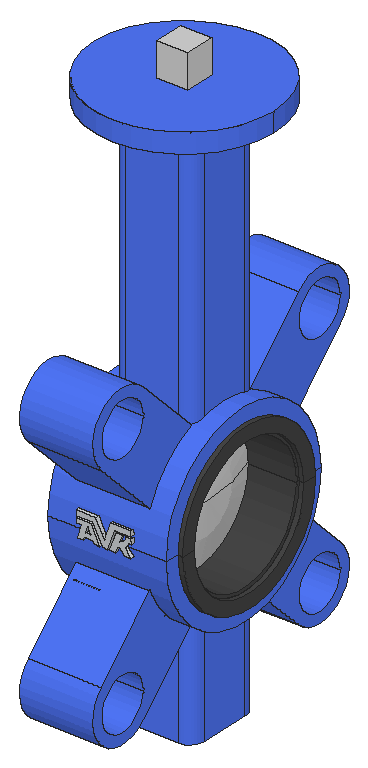
Revit family "820-10-028-DN25-65", category Pipe Accessories, Revit 2022
Family settings
  Round Connector Dimension = Use Diameter
  Part Type = Valve - Breaks Into
  Work Plane-Based = No
  Always vertical = Yes
  Cut with Voids When Loaded = No
  Shared = No
Parameters (values of type "DN50_PN10/16")
  fillet = 2 * Body_wallthickness  # 20 mm
  disk = LUG_T * 0.7  # 12.04 mm
  W2_ref = size_lookup(Search_table, "W2", 0 mm, DN)  # 135 mm
  URL product pages = "https://www.avkvalves.com/P.aspx?no=820002510521L0160002"
  Search_table = "820-10-028-DN25-65"
  Rubber_R = (Body_wallthickness / 2) + ID  # 30 mm
  PCD = size_lookup(Search_table, "PCD", 0 mm, DN) / 2  # 62.5 mm
  Lug_D = (Hole_dia / 2) * 1.4  # 13.3 mm
  L_ref_3 = L_ref / 1.2  # 24.167 mm
  L_ref_2 = L_ref * 2  # 58 mm
  L_ref = L - (Flange_thickness * 2)  # 29 mm
  LUG_T = L * 0.4  # 17.2 mm
  L2 = size_lookup(Search_table, "L2", 0 mm, DN) / 2  # 58 mm
  L = size_lookup(Search_table, "L", 0 mm, DN)  # 43 mm
  ID = DN / 2  # 25 mm
  Hole_dia = size_lookup(Search_table, "Hole_dia", 0 mm, DN)  # 19 mm
  H2 = size_lookup(Search_table, "H2", 0 mm, DN)  # 72 mm
  Flange_thickness = size_lookup(Search_table, "Flange_Thickness", 0 mm, DN)  # 7 mm
  F2 = size_lookup(Search_table, "F2", 0 mm, DN)  # 12 mm
  F = size_lookup(Search_table, "F", 0 mm, DN)  # 11 mm
  EPDM = ID - 1 mm  # 24 mm
  Description_ = "AVK CENTRIC LUG BUTTERFLY VALVE, PN10/16"
  Default Elevation = 0 mm
  DN65_PN10/16 = "820-0065-10-521L0160002"
  DN = 50 mm
  Bore = DN / 2  # 25 mm
  Body_wallthickness = 10 mm  # constant formula
  DN50_PN10/16 = "820-0050-10-521L0160002"
  DN40_PN10/16 = "820-0040-10-521L0160002"
  DN32_PN10/16 = "820-0032-10-521L0160002"
  DN25_PN10/16 = "820-0025-10-521L0160002"
  Actuator_Dia = size_lookup(Search_table, "Actuator_Dia", 0 mm, DN)  # 65 mm
  Actuator FL_D = size_lookup(Search_table, "Actuator FL_D", 0 mm, DN)  # 70 mm
  90 = 90 mm  # constant formula
  3 = 2 mm  # constant formula
Types (6, lengths in mm): name | disk | W2_ref | Rubber_R | PCD | Lug_D | L_ref_3 | L_ref_2 | L_ref | LUG_T | L2 | L | ID | Hole_dia | H2 | Flange_thickness | F | EPDM | DN | Bore | Actuator FL_D
  (no name) | 12.04 | 135 | 30 | 62.5 | 13.3 | 24.167 | 58 | 29 | 17.2 | 58 | 43 | 25 | 19 | 72 | 7 | 11 | 24 | 50 | 25 | 70
  DN25_PN10/16 | 8.4 | 110 | 17.5 | 42.5 | 9.8 | 15 | 36 | 18 | 12 | 50.5 | 30 | 12.5 | 14 | 51 | 6 | 8 | 11.5 | 25 | 12.5 | 50
  DN32_PN10/16 | 8.4 | 110 | 21 | 50 | 13.3 | 15 | 36 | 18 | 12 | 50.5 | 30 | 16 | 19 | 51 | 6 | 8 | 15 | 32 | 16 | 60
  DN40_PN10/16 | 9.24 | 130 | 25 | 55 | 13.3 | 15.833 | 38 | 19 | 13.2 | 54 | 33 | 20 | 19 | 54 | 7 | 8 | 19 | 40 | 20 | 70
  DN50_PN10/16 | 12.04 | 135 | 30 | 62.5 | 13.3 | 24.167 | 58 | 29 | 17.2 | 58 | 43 | 25 | 19 | 72 | 7 | 11 | 24 | 50 | 25 | 70
  DN65_PN10/16 | 12.88 | 150 | 37.5 | 72.5 | 13.3 | 25 | 60 | 30 | 18.4 | 65.5 | 46 | 32.5 | 19 | 82 | 8 | 11 | 31.5 | 65 | 32.5 | 80
Reference planes
  plane 1 "Center (Front/Back)": y = 0
  plane 2: z = 0
  plane 3 "Center (Left/Right)": x = 0
  plane 4: z = 135
  plane 5: z = -72
  plane 6: y = 14.5
  plane 7: x = -14.5
  plane 8: y = -14.5
  plane 9: x = 14.5
  plane 10: x = -9.5
  plane 11: x = 9.5
  plane 12: y = -9.5
  plane 13: y = -9.5
  plane 14: x = -9.5
  plane 15: x = 9.5
  plane 16: y = 9.5
  plane 17: y = 9.5
  plane 18: z = 147
  plane 19: z = 25
  plane 20: z = -25
  plane 21: y = -58
  plane 22: y = 58
  plane 23: x = -21.5
  plane 24: x = 21.5
  plane 25: x = -8.6
  plane 26: x = 8.6
  plane 27: x = -8.6
  plane 28: x = 8.6
  plane 29: through (0, 0, 0) normal (0, 0.7071, 0.7071)
  plane 30: through (0, 0, 0) normal (0, 0.7071, -0.7071)
  plane 31: x = -8.6
  plane 32: x = 8.6
  plane 33: x = 5.5
  plane 34: x = -5.5
  plane 35: y = 35
  plane 36: y = -35
  plane 37: x = -32.5
  plane 38: x = 32.5
Forms (mm)
  Revolve 1, solid, material "Plastic"
    sketch origin (0, 0, 0) x (1, 0, 0) y (0, 1, 0)
      loop
        line (-21.5, 35) -> (-21.5, 25) -> (21.5, 25) -> (21.5, 35) -> (-21.5, 35)
      axis (-21.5, 0) -> (21.5, 0)
    angle from 0 to 360
  Extrusion 2, solid, material "Plastic"
    sketch origin (0, 0, 0) x (1, 0, 0) y (0, 1, 0)
      loop
        arc (-9.5, 14.5) -> (-13.036, 13.036) -> (-14.5, 9.5) r 5
        line (-14.5, 9.5) -> (-14.5, -9.5)
        arc (-14.5, -9.5) -> (-13.036, -13.036) -> (-9.5, -14.5) r 5
        line (-9.5, -14.5) -> (9.5, -14.5)
        arc (9.5, -14.5) -> (13.036, -13.036) -> (14.5, -9.5) r 5
        line (14.5, -9.5) -> (14.5, 9.5)
        arc (14.5, 9.5) -> (13.036, 13.036) -> (9.5, 14.5) r 5
        line (9.5, 14.5) -> (-9.5, 14.5)
    from -72 to 128
  Extrusion 3, solid, material "Plastic"
    sketch origin (0, 0, 0) x (1, 0, 0) y (0, 1, 0)
      loop
        circle (0, 0) r 32.5
    from 128 to 135
  Extrusion 4, solid, material "Stainless Steel AISI 304"
    sketch origin (0, 0, 0) x (1, 0, 0) y (0, 1, 0)
      loop
        line (-5.5, 5.5) -> (-5.5, -5.5) -> (5.5, -5.5) -> (5.5, 5.5) -> (-5.5, 5.5)
    from 135 to 147
  Revolve 5, void
    sketch origin (0, 0, 0) x (1, 0, 0) y (0, 1, 0)
      loop
        line (-21.5, 25) -> (-21.5, 0) -> (21.5, 0) -> (21.5, 25) -> (-21.5, 25)
      axis (-21.5, 0) -> (21.5, 0)
    angle from 0 to 360
  Revolve 6, solid, material "Stainless Steel AISI 304"
    sketch origin (0, 0, 0) x (1, 0, 0) y (0, 1, 0)
      loop
        line (-8.6, 0) -> (8.6, 0)
        arc (8.6, 0) -> (7.308, 12.766) -> (3.44, 25) r 62.585
        line (3.44, 25) -> (-3.44, 25)
        arc (-3.44, 25) -> (-7.308, 12.766) -> (-8.6, 0) r 62.585
      axis (-8.6, 0) -> (8.6, 0)
    angle from 0 to 360
  Revolve 7, solid, material "Default Wall"
    sketch origin (0, 0, 0) x (1, 0, 0) y (0, 1, 0)
      loop
        line (-21.5, 25) -> (-21.5, 24) -> (21.5, 24) -> (21.5, 25) -> (-21.5, 25)
      axis (21.5, 0) -> (-21.5, 0)
    angle from 0 to 360
  Extrusion 8, solid, material "Plastic"
    sketch origin (0, 0, 0) x (0, 1, 0) y (0, 0, 1)
      loop
        arc (-24.373, 5.564) -> (-17.678, 17.678) -> (-5.564, 24.373) r 25
        line (-5.564, 24.373) -> (-35.295, 54.105)
        arc (-35.295, 54.105) -> (-54.105, 54.105) -> (-54.105, 35.295) r 13.3
        line (-54.105, 35.295) -> (-24.373, 5.564)
      loop
        circle (-44.7, 44.7) r 9.5
    from -13.3 to 13.3
  Extrusion 9, solid, material "Plastic"
    sketch origin (0, 0, 0) x (0, -1, 0) y (0, 0, -1)
      loop
        line (-24.373, -5.564) -> (-54.105, -35.295)
        arc (-54.105, -35.295) -> (-54.105, -54.105) -> (-35.295, -54.105) r 13.3
        line (-35.295, -54.105) -> (-5.564, -24.373)
        arc (-5.564, -24.373) -> (-17.678, -17.678) -> (-24.373, -5.564) r 25
      loop
        circle (-44.7, -44.7) r 9.5
    from -13.3 to 13.3
  Extrusion 10, solid, material "Plastic"
    sketch origin (0, 0, 0) x (0, 1, 0) y (0, 0, 1)
      loop
        line (-24.373, -5.564) -> (-54.105, -35.295)
        arc (-54.105, -35.295) -> (-54.105, -54.105) -> (-35.295, -54.105) r 13.3
        line (-35.295, -54.105) -> (-5.564, -24.373)
        arc (-5.564, -24.373) -> (-17.678, -17.678) -> (-24.373, -5.564) r 25
      loop
        circle (-44.7, -44.7) r 9.5
    from -13.3 to 13.3
  Extrusion 11, solid, material "Plastic"
    sketch origin (0, 0, 0) x (0, -1, 0) y (0, 0, -1)
      loop
        arc (-24.373, 5.564) -> (-17.678, 17.678) -> (-5.564, 24.373) r 25
        line (-5.564, 24.373) -> (-35.295, 54.105)
        arc (-35.295, 54.105) -> (-54.105, 54.105) -> (-54.105, 35.295) r 13.3
        line (-54.105, 35.295) -> (-24.373, 5.564)
      loop
        circle (-44.7, 44.7) r 9.5
    from -13.3 to 13.3
  Revolve 12, solid, material "Default Wall"
    sketch origin (0, 0, 0) x (1, 0, 0) y (0, 1, 0)
      loop
        line (-23.5, 30) -> (-23.5, 25) -> (-21.5, 25) -> (-21.5, 30) -> (-23.5, 30)
      loop
        line (23.5, 30) -> (21.5, 30) -> (21.5, 25) -> (23.5, 25) -> (23.5, 30)
      axis (-23.5, 0) -> (23.5, 0)
    angle from 0 to 360
Cuts and joins
  Revolve 5 cuts Revolve 1
  Revolve 5 cuts Extrusion 2
Dimensions and locks
  equal spacing: Revolve 1 sketch curve, plane 3 "Center (Left/Right)", Revolve 1 sketch curve
  "ID": plane 1 "Center (Front/Back)" to Revolve 1 sketch curve
  "Body_wallthickness": Revolve 1 sketch curve to Revolve 1 sketch curve
  "W2_ref": plane 4 to level
  "H2": level to plane 5
  locked: plane 7 to plane 10 at 5
  locked: plane 11 to plane 9 at 5
  locked: plane 6 to plane 16 at 5
  locked: plane 12 to plane 8 at 5
  locked: plane 15 to plane 9 at 5
  locked: plane 7 to plane 14 at 5
  locked: plane 13 to plane 8 at 5
  locked: plane 17 to plane 6 at 5
  equal spacing: plane 7, plane 3 "Center (Left/Right)", plane 9
  "L_ref": plane 7 to plane 9
  equal spacing: plane 6, plane 1 "Center (Front/Back)", plane 8
  "L_ref": plane 6 to plane 8
  "Flange_thickness": plane 4 to Extrusion 3
  "F2": plane 18 to plane 4
  equal spacing: plane 19, level, plane 20
  "ID": plane 19 to level
  "L2": plane 1 "Center (Front/Back)" to plane 21
  equal spacing: plane 22, plane 1 "Center (Front/Back)", plane 21
  plane 18 to plane 4 = 12 mm
  equal spacing: Extrusion 4 sketch curve, plane 3 "Center (Left/Right)", Extrusion 4 sketch curve
  equal spacing: Extrusion 4 sketch curve, plane 1 "Center (Front/Back)", Extrusion 4 sketch curve
  "F": Extrusion 4 sketch curve to Extrusion 4 sketch curve  (x2)
  equal spacing: plane 24, plane 3 "Center (Left/Right)", plane 23
  "L": plane 24 to plane 23
  equal spacing: Revolve 5 sketch curve, plane 3 "Center (Left/Right)", Revolve 5 sketch curve
  "L": Revolve 5 sketch curve to Revolve 5 sketch curve
  "ID": plane 1 "Center (Front/Back)" to Revolve 5 sketch curve
  "L": Revolve 1 sketch curve to Revolve 1 sketch curve
  "Flange_thickness": plane 4 to cut or joined group of Extrusion 2, Revolve 5
  equal spacing: plane 23, Extrusion 3 sketch curve, plane 24
  equal spacing: plane 21, Extrusion 3 sketch curve, plane 22
  equal spacing: plane 26, plane 3 "Center (Left/Right)", plane 25
  "LUG_T": plane 26 to plane 25
  equal spacing: Revolve 7 sketch curve, plane 3 "Center (Left/Right)", Revolve 7 sketch curve
  "EPDM": plane 1 "Center (Front/Back)" to Revolve 7 sketch curve
  "ID": plane 1 "Center (Front/Back)" to Revolve 7 sketch curve
  "ID": plane 1 "Center (Front/Back)" to Revolve 6 sketch curve
  equal spacing: plane 24, nested 1, plane 23
  equal spacing: Revolve 6 sketch curve, plane 3 "Center (Left/Right)", Revolve 6 sketch curve  (x2)
  equal spacing: plane 27, plane 3 "Center (Left/Right)", plane 28
  "LUG_T": plane 27 to plane 28
  "LUG_T": plane 27 to Revolve 6 sketch curve
  "disk": Revolve 6 sketch curve to plane 28
  equal spacing: Extrusion 8 sketch curve, plane 29, Extrusion 8 sketch curve  (x2)
  "Lug_D": Extrusion 8 sketch curve to plane 29
  equal spacing: plane 32, plane 3 "Center (Left/Right)", plane 31
  "LUG_T": plane 32 to plane 31
  "L2": plane 1 "Center (Front/Back)" to Extrusion 8 sketch curve
  equal spacing: Extrusion 9 sketch curve, plane 30, Extrusion 9 sketch curve  (x2)
  "Lug_D": Extrusion 9 sketch curve to plane 30
  "L2": Extrusion 9 sketch curve to plane 1 "Center (Front/Back)"
  equal spacing: Extrusion 11 sketch curve, plane 29, Extrusion 11 sketch curve  (x2)
  "L2": Extrusion 11 sketch curve to plane 1 "Center (Front/Back)"
  "Lug_D": plane 29 to Extrusion 11 sketch curve
  "Lug_D": Extrusion 10 sketch curve to plane 30
  "L2": plane 1 "Center (Front/Back)" to Extrusion 10 sketch curve
  equal spacing: Extrusion 10 sketch curve, plane 30, Extrusion 10 sketch curve  (x2)
  equal spacing: Extrusion 9, plane 3 "Center (Left/Right)", Extrusion 9
  "Lug_D": plane 3 "Center (Left/Right)" to Extrusion 9
  equal spacing: Extrusion 11, plane 3 "Center (Left/Right)", Extrusion 11
  "Lug_D": Extrusion 11 to plane 3 "Center (Left/Right)"
  plane 22 to plane 21 = 116 mm
  plane 24 to plane 23 = 43 mm  (x2)
  equal spacing: plane 33, plane 3 "Center (Left/Right)", plane 34
  "F": plane 34 to plane 33
  equal spacing: plane 35, plane 1 "Center (Front/Back)", plane 36
  "Actuator FL_D": plane 35 to plane 36
  "ID": plane 1 "Center (Front/Back)" to Revolve 12 sketch curve  (x2)
  "Rubber_R": plane 1 "Center (Front/Back)" to Revolve 12 sketch curve  (x2)
  "3": Revolve 12 sketch curve to plane 23
  "3": plane 24 to Revolve 12 sketch curve
  equal spacing: plane 38, plane 3 "Center (Left/Right)", plane 37
  "Actuator_Dia": plane 38 to plane 37
  equal spacing: Extrusion 10, plane 3 "Center (Left/Right)", Extrusion 10
  "Lug_D": plane 3 "Center (Left/Right)" to Extrusion 10
  equal spacing: Extrusion 8, plane 3 "Center (Left/Right)", Extrusion 8
  "Lug_D": plane 3 "Center (Left/Right)" to Extrusion 8
  "Actuator_Dia": diameter of Extrusion 3 sketch curve
  "Bore": radius of Extrusion 8 sketch curve
  "Bore": radius of Extrusion 9 sketch curve
  "Bore": radius of Extrusion 10 sketch curve
  "Bore": radius of Extrusion 11 sketch curve
  "Hole_dia": diameter of Extrusion 9 sketch curve
  "Hole_dia": diameter of Extrusion 8 sketch curve
  "Hole_dia": diameter of Extrusion 11 sketch curve
  "Hole_dia": diameter of Extrusion 10 sketch curve
  angle level to plane 29 = 45.00°
  angle plane 30 to level = 45.00°
  aligned and locked: level to plane 2
  aligned and locked: plane 1 "Center (Front/Back)" to Revolve 1 sketch curve
  aligned and locked: plane 11 to Extrusion 2 sketch curve
  aligned and locked: plane 6 to Extrusion 2 sketch curve  (x2)
  aligned and locked: plane 16 to Extrusion 2 sketch curve
  aligned and locked: plane 9 to Extrusion 2 sketch curve  (x2)
  aligned and locked: plane 12 to Extrusion 2 sketch curve
  aligned and locked: plane 8 to Extrusion 2 sketch curve  (x2)
  aligned and locked: plane 15 to Extrusion 2 sketch curve
  aligned and locked: plane 14 to Extrusion 2 sketch curve
  aligned and locked: plane 7 to Extrusion 2 sketch curve  (x2)
  aligned and locked: plane 13 to Extrusion 2 sketch curve
  aligned and locked: plane 17 to Extrusion 2 sketch curve
  aligned and locked: plane 10 to Extrusion 2 sketch curve
  aligned and locked: Extrusion 2 to plane 5
  aligned and locked: Extrusion 3 to plane 4
  aligned and locked: plane 18 to Extrusion 4
  aligned and locked: plane 4 to Extrusion 4
  aligned and locked: Revolve 5 sketch curve to plane 1 "Center (Front/Back)"
  aligned and locked: plane 1 "Center (Front/Back)" to Revolve 5 sketch curve
  aligned and locked: Revolve 6 sketch curve to plane 1 "Center (Front/Back)"
  aligned and locked: plane 23 to Revolve 7 sketch curve
  aligned and locked: Revolve 7 sketch curve to plane 1 "Center (Front/Back)"
  aligned and locked: Revolve 12 sketch curve to plane 23
  aligned and locked: plane 1 "Center (Front/Back)" to Revolve 12 sketch curve
Automatic sketch dimensions
  Revolve 1 sketch curve to plane 23 = 0 mm
  Revolve 1 sketch curve to plane 24 = 0 mm
  Revolve 5 sketch curve to plane 37 = 28.655 mm
  Revolve 5 sketch curve to plane 38 = 35.182 mm
  plane 1 "Center (Front/Back)" to Revolve 6 sketch curve = 0 mm
  Revolve 6 sketch curve to plane 1 "Center (Front/Back)" = 0.115 mm  (x2)
  Revolve 6 sketch curve to plane 37 = 1.242 mm
  Revolve 6 sketch curve to plane 38 = 0.584 mm
  Revolve 7 sketch curve to plane 38 = 6.578 mm
  Revolve 7 sketch curve to Revolve 7 sketch curve = 12.301 mm
  Extrusion 8 sketch curve to Extrusion 8 sketch curve = 0 mm  (x3)
  Extrusion 8 sketch curve to level = 0 mm
  Extrusion 8 sketch curve to plane 1 "Center (Front/Back)" = 0 mm
  Extrusion 9 sketch curve to Extrusion 9 sketch curve = 0 mm  (x3)
  Extrusion 9 sketch curve to level = 0 mm
  Extrusion 9 sketch curve to plane 1 "Center (Front/Back)" = 0 mm
  Extrusion 10 sketch curve to Extrusion 10 sketch curve = 0 mm  (x3)
  Extrusion 10 sketch curve to level = 0 mm
  Extrusion 10 sketch curve to plane 1 "Center (Front/Back)" = 0 mm
  Extrusion 11 sketch curve to Extrusion 11 sketch curve = 0 mm  (x2)
  Extrusion 11 sketch curve to level = 0 mm
  Extrusion 11 sketch curve to plane 1 "Center (Front/Back)" = 0 mm
  Revolve 12 sketch curve to plane 24 = 0 mm
  Revolve 12 sketch curve to plane 23 = 4.571 mm
  Revolve 12 sketch curve to plane 38 = 3.648 mm
Nested families
  nested 1: "Latest New 3" at (0, -34.902, -2.624) x (1, 0, 0) z (0, -0.9972, -0.075), type "Latest New 3"
Connectors
  piping at (21.5, 0, 0), diameter 50, driven by "DN"
    settings: on Revolve 1, index 1, connector inside diameter 609.6 mm, connector length 0 mm, flow factor 0, pipe flow 0.0 L/s, pressure drop 0.0 Pa, fitting loss kfactor 0, connector angle 0.00°, fixture units 0, engagement length 0 mm, angle of deflection 0.00°, flow configuration 0, flow direction 0, fitting loss method 0, system type 7, joint type 0, gender type 0, connector reference index -1, connector utility 0, adjustable connector no, is connector primary yes, connector description ""
  piping at (-21.5, 0, 0), diameter 50, driven by "DN"
    settings: on cut or joined group of Revolve 1, Revolve 5, index 2, connector inside diameter 609.6 mm, connector length 0 mm, flow factor 0, pipe flow 0.0 L/s, pressure drop 0.0 Pa, fitting loss kfactor 0, connector angle 0.00°, fixture units 0, engagement length 0 mm, angle of deflection 0.00°, flow configuration 0, flow direction 0, fitting loss method 0, system type 7, joint type 0, gender type 0, connector reference index -1, connector utility 0, adjustable connector no, is connector primary no, connector description ""
Definition of nested family "Latest New 3"
  Parameters
    Default Elevation = 1219.2 mm
  Reference planes
    plane 1 "Center (Front/Back)": y = 0
    plane 2: z = 0
    plane 3 "Center (Left/Right)": x = 0
  Forms (mm)
    Extrusion 1, solid
      sketch origin (0, 0, 0) x (1, 0, 0) y (0, 1, 0)
        loop
          line (-1219.2, 1219.2) -> (-1219.2, -1219.2) -> (1219.2, -1219.2) -> (1219.2, 1219.2) -> (-1219.2, 1219.2)
      from 0 to -304.8
    Extrusion 2, solid
      sketch origin (0, 0, 0) x (1, 0, 0) y (0, 1, 0)
        loop
          line (-2.683, 9.413) -> (-9.884, 9.413) -> (-9.884, 7.46) -> (-4.022, 7.46) -> (-0.985, 0) -> (0.985, 0) -> (4.022, 7.46) -> (9.884, 7.46) -> (9.884, 9.413) -> (2.683, 9.413) -> (0, 2.824) -> (-2.683, 9.413)
        loop
          line (-4.528, 6.707) -> (-9.884, 6.707) -> (-9.884, 4.824) -> (-8.032, 4.824) -> (-9.884, 0) -> (-7.792, 0) -> (-7.394, 1.035) -> (-4.328, 1.035) -> (-3.907, 0) -> (-1.798, 0) -> (-4.528, 6.707)
        loop
          line (-6.91, 2.824) -> (-5.056, 2.824) -> (-6.01, 5.167) -> (-6.91, 2.824)
        loop
          line (1.798, 0) -> (3.907, 0) -> (4.98, 2.637) -> (6.968, 0) -> (9.413, 0) -> (7.166, 2.983)
          arc (7.166, 2.983) -> (8.216, 3.774) -> (9.007, 4.824) r 4.724
          line (9.007, 4.824) -> (9.884, 4.824) -> (9.884, 6.707) -> (8.001, 6.707)
          arc (8.001, 6.707) -> (7.315, 5.008) -> (5.642, 4.261) r 2.448
          line (5.642, 4.261) -> (6.637, 6.707) -> (4.528, 6.707) -> (1.798, 0)
      from 0 to 1
  Dimensions and locks
    aligned and locked: plane 2 to Extrusion 1
    aligned and locked: level to Extrusion 1
    aligned and locked: Extrusion 2 sketch curve to import instance  (x30)
